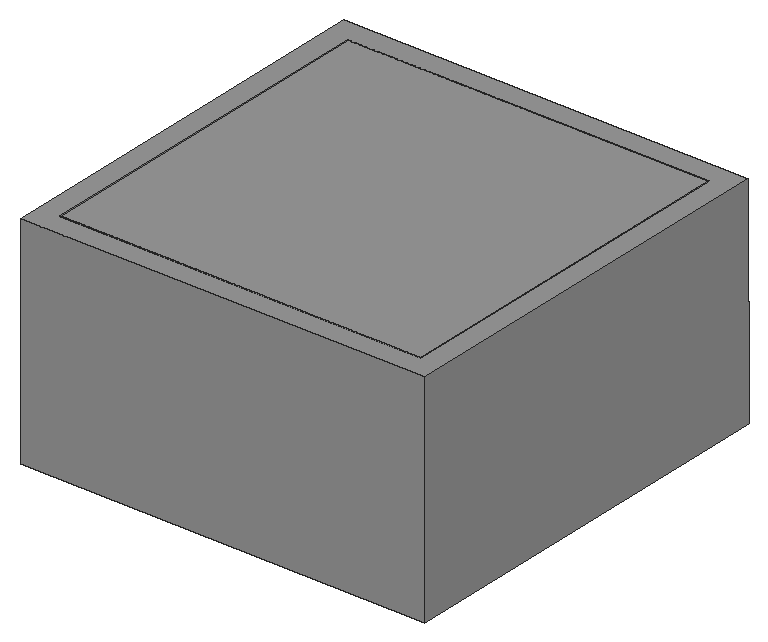
Revit family "NGC_92_16W_4000K_1376LM", category Lighting Fixtures, host Ceiling, Revit 2021
Family settings
  Host = Ceiling
  Round Connector Dimension = Use Diameter
  Part Type = Normal
  OmniClass Number = 23.80.70.11
  OmniClass Title = Luminaries for Internal Lighting
  Always vertical = Yes
  Cut with Voids When Loaded = No
  Light Source = Yes
  Shared = No
  Room Calculation Point = No
Parameters (values of type "Type 1")
  Wattage = 9.26338 W
  built-in parameter 1150110 = 1 (stored number, unit not read)
  Type de lampe = "LED TYF-5050 Bridgelux 2240"
  Type = "Downlight"
  built-in parameter 1114217 = 1 (stored number, unit not read)
  Tilt Angle = 90.00°
  built-in parameter 1150109 = 1 (stored number, unit not read)
  built-in parameter 1150134 = 12
  built-in parameter 1150113 = 1 (stored number, unit not read)
  Puissance nominale = "16W"
  Photometric Web File = "google_eulumdat_converter (18).ies"
  Matériau = "Aluminium"
  Maintien du flux = "L80B10 (50 000 heures)"
  Lumens = 1376 lm
  built-in parameter 1150115 = 1 (stored number, unit not read)
  built-in parameter 1150105 = 109.5 (stored number, unit not read)
  built-in parameter 1150137 = (empty or 0)
  built-in parameter 1150139 = (empty or 0)
  built-in parameter 1150112 = 1 (stored number, unit not read)
  built-in parameter 1150114 = 1 (stored number, unit not read)
  built-in parameter 1150132 = 2
  built-in parameter 1150102 = (empty or 0)
  built-in parameter 1150138 = (empty or 0)
  built-in parameter 1150107 = 4000 (stored number, unit not read)
  built-in parameter 1150106 = 1.095 (stored number, unit not read)
  IRC = ">90"
  Emit from Rectangle Width = 609.6 mm
  Emit from Rectangle Length = 1219.2 mm
  Emit Shape Visible in Rendering = no
  built-in parameter 1150104 = 13.8 (stored number, unit not read)
  Durée de vie = "50 000 heures"
  Driver = "Driver Lifud TUV CE CCC"
  Dimming Lamp Color Temperature Shift = <None>
  Dimensions = "92 x 92 mm, H = 50 mm"
  Dimension découpe = "80 x 80 mm"
  Default Elevation = 0 mm
  Couleur = "Blanc"
  Color Filter = 16777215
  built-in parameter 1114218 = 1 (stored number, unit not read)
  built-in parameter 1150133 = 10 (stored number, unit not read)
  Angle d'éclairage = "50°"
  Alimentation luminaire = "25-40V dc / 400mA"
  Alimentation Driver = "AC 220-240V"
Reference planes
  plane 1 "Light Source Axis (F/B)": y = 0
  plane 2: z = 0
  plane 3 "Light Source Axis (L/R)": x = 0
  plane 4 "Ceiling": z = 4000
  plane 5 "Light Source Elevation": z = 3992.978
Forms (mm)
  Extrusion 1, solid, material "Aluminum, Blanc"
    sketch origin (0, 0, 4000) x (0, 1, 0) y (-1, 0, 0)
      loop
        line (46, 46) -> (-46, 46) -> (-46, -46) -> (46, -46) -> (46, 46)
      loop
        line (41, 41) -> (-41, 41) -> (-41, -41) -> (41, -41) -> (41, 41)
    from -5 to 45
  Extrusion 2, solid, material "Aluminum, Noir"
    sketch origin (0, 0, 4000) x (0, 1, 0) y (-1, 0, 0)
      loop
        line (41, 41) -> (-41, 41) -> (-41, -41) -> (41, -41) -> (41, 41)
    from -5 to 45
  Blend 3, void
    base sketch origin (0, 0, 4000) x (0, 1, 0) y (-1, 0, 0)
      loop
        line (39, 39) -> (2, 39) -> (2, 2) -> (39, 2) -> (39, 39)
    top sketch origin (0, 0, 4000) x (0, 1, 0) y (-1, 0, 0)
      loop
        circle (20.5, 20.5) r 11.563
    from -5 to 0
  Blend 4, void
    base sketch origin (0, 0, 4000) x (0, -1, 0) y (1, 0, 0)
      loop
        line (-39, 39) -> (-39, 2) -> (-2, 2) -> (-2, 39) -> (-39, 39)
    top sketch origin (0, 0, 4000) x (0, -1, 0) y (1, 0, 0)
      loop
        circle (-20.5, 20.5) r 11.563
    from -5 to 0
  Blend 5, void
    base sketch origin (0, 0, 4000) x (0, -1, 0) y (1, 0, 0)
      loop
        line (39, 39) -> (2, 39) -> (2, 2) -> (39, 2) -> (39, 39)
    top sketch origin (0, 0, 4000) x (0, -1, 0) y (1, 0, 0)
      loop
        circle (20.5, 20.5) r 11.563
    from -5 to 0
  Blend 6, void
    base sketch origin (0, 0, 4000) x (0, 1, 0) y (-1, 0, 0)
      loop
        line (-39, 39) -> (-39, 2) -> (-2, 2) -> (-2, 39) -> (-39, 39)
    top sketch origin (0, 0, 4000) x (0, 1, 0) y (-1, 0, 0)
      loop
        circle (-20.5, 20.5) r 11.563
    from -5 to 0
  Extrusion 7, solid, material "Glass, White, High Luminance"
    sketch origin (0, 0, 4000) x (0, 1, 0) y (-1, 0, 0)
      loop
        circle (20.5, 20.5) r 11.563
    from 0 to -1.547
  Extrusion 8, solid, material "Glass, White, High Luminance"
    sketch origin (0, 0, 4000) x (0, -1, 0) y (1, 0, 0)
      loop
        circle (-20.5, 20.5) r 11.563
    from 0 to -1.547
  Extrusion 9, solid, material "Glass, White, High Luminance"
    sketch origin (0, 0, 4000) x (0, -1, 0) y (1, 0, 0)
      loop
        circle (20.5, 20.5) r 11.563
    from 0 to -1.547
  Extrusion 10, solid, material "Glass, White, High Luminance"
    sketch origin (0, 0, 4000) x (0, 1, 0) y (-1, 0, 0)
      loop
        circle (-20.5, 20.5) r 11.563
    from 0 to -1.547
Cuts and joins
  Blend 3, Blend 4, Blend 5, Blend 6 cuts Extrusion 2
Lines and regions (mm)
  reference lines
    curve 1: line (0, 0, 4000) -> (46, 0, 4000)
    curve 2: line (46, 0, 4000) -> (46, 46, 4000)
    curve 3: line (46, 46, 4000) -> (-46, 46, 4000)
    curve 4: line (-46, 46, 4000) -> (-46, -46, 4000)
    curve 5: line (-46, -46, 4000) -> (46, -46, 4000)
    curve 6: line (46, -46, 4000) -> (46, 0, 4000)
    curve 7: line (0, 0, 3990) -> (0, 0, 4040)
    curve 8: line (0, 0, 4040) -> (-15, 0, 4040)
    curve 9: line (0, 0, 3995) -> (0, 0, 4045)
    curve 10: line (0, 0, 4045) -> (-7.342, 0, 4045)
    curve 11: line (46, 41, 4000) -> (-46, 41, 4000)
    curve 12: line (41, 41, 4000) -> (41, -49, 4000)
    curve 13: line (46, -41, 4000) -> (-46, -41, 4000)
    curve 14: line (-41, 46, 4000) -> (-41, -46, 4000)
    curve 15: line (-41, 41, 4000) -> (0, 0, 4000)
    curve 16: line (0, 41, 4000) -> (-41, 0, 4000)
    curve 17: line (-41, 41, 4000) -> (-41, 39, 4000)
    curve 18: line (-41, 41, 4000) -> (-39, 41, 4000)
    curve 19: line (0, 0, 4000) -> (0, 2, 4000)
    curve 20: line (0, 2, 4000) -> (-41, 2, 4000)
    curve 21: line (0, 0, 4000) -> (-2, 0, 4000)
    curve 22: line (-2, 0, 4000) -> (-2, 41, 4000)
    curve 23: line (-41, 39, 4000) -> (-2, 39, 4000)
    curve 24: line (-39, 41, 4000) -> (-39, 0, 4000)
Dimensions and locks
  equal spacing: host sketch curve, plane 3 "Light Source Axis (L/R)", host sketch curve
  equal spacing: host sketch curve, plane 1 "Light Source Axis (F/B)", host sketch curve
  host sketch curve to host sketch curve = 4000 mm  (x2)
  plane 4 "Ceiling" to host ceiling = 0 mm
  aligned and locked: plane 1 "Light Source Axis (F/B)" to imposter light
  aligned and locked: plane 5 "Light Source Elevation" to imposter light
